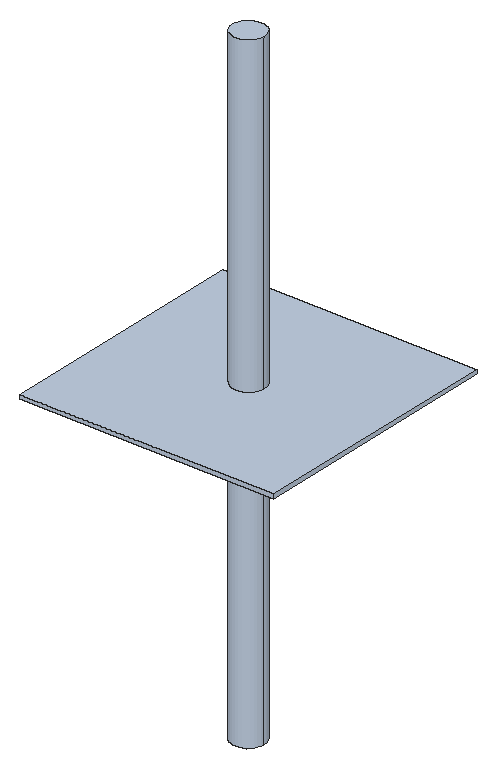
Revit family "EV_TIE ROD WATER STOP 15 L=300_9371975", category Generic Models, Revit 2018
Family settings
  Can host rebar = No
  Round Connector Dimension = Use Diameter
  Part Type = Normal
  OmniClass Number = 35.51.14.00
  OmniClass Title = FORMWORK
  Work Plane-Based = Yes
  Always vertical = No
  Cut with Voids When Loaded = No
  Shared = Yes
  Room Calculation Point = No
Parameters (values of type "EV_TIE ROD WATER STOP 15 L=300_9371975")
  VERSION = "20190101"  # constant formula
  URL = "www.ulmaconstruction.com/en"
  UNICLASS = ""
  Manufacturer = "ULMA CONSTRUCTION"  # constant formula
  ITEM_CODE = "9371975"
  FILTER [instance] = ""
  Default Elevation = 0.000 mm
  CLASSIFICATION_TITLE = ""
  CLASSIFICATION_NUMBER = ""
Reference planes
  plane 1 "Centro (Frontal/Posterior)": y = 0
  plane 2: z = 0
  plane 3 "Centro (Izquierda/Derecha)": x = 0
Forms (mm)
  Extrusion 1, solid, material "ULMA STEEL", detail levels medium+fine
    sketch origin (-337.479, 487.807, 0) x (1, 0, 0) y (0, 1, 0)
      loop
        line (277.479, -427.807) -> (277.479, -547.807) -> (397.479, -547.807) -> (397.479, -427.807) -> (277.479, -427.807)
    from -1 to 1
  Extrusion 2, solid, material "ULMA STEEL", detail levels medium+fine
    sketch origin (0, 0, 0) x (1, 0, 0) y (0, 1, 0)
      loop
        circle (0, 0) r 7.5
    from -150 to 150
Dimensions and locks
  aligned and locked: level to plane 2
